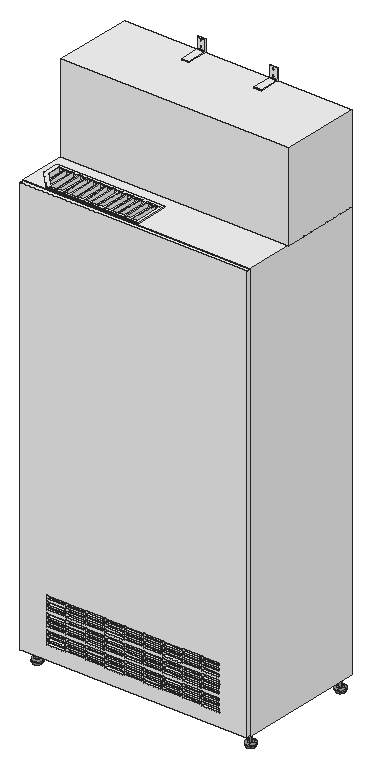
Revit family "AME 900 F SSL", category Mechanical Equipment, Revit 2019 (continued)
Forms (mm)
  Extrusion 44, void
    sketch origin (0, 0, 2164.5) x (0, 1, 0) y (1, 0, 0)
      loop
        arc (-615.04, -324.5) -> (-616.426, -325.074) -> (-617, -326.46) r 1.96
        line (-617, -326.46) -> (-617, -353.5)
      loop
        line (-617, -319) -> (-475, -319) -> (-475, -292.001)
        arc (-475, -292.001) -> (-475.586, -290.586) -> (-477.001, -290) r 2.001
        line (-477.001, -290) -> (-615.04, -290)
        arc (-615.04, -290) -> (-616.426, -290.574) -> (-617, -291.96) r 1.96
        line (-617, -291.96) -> (-617, -319)
      loop
        line (-617, -284.5) -> (-475, -284.5) -> (-475, -257.501)
        arc (-475, -257.501) -> (-475.586, -256.086) -> (-477.001, -255.5) r 2.001
        line (-477.001, -255.5) -> (-615.04, -255.5)
        arc (-615.04, -255.5) -> (-616.426, -256.074) -> (-617, -257.46) r 1.96
        line (-617, -257.46) -> (-617, -284.5)
      loop
        line (-617, -250) -> (-475, -250) -> (-475, -223.001)
        arc (-475, -223.001) -> (-475.586, -221.586) -> (-477.001, -221) r 2.001
        line (-477.001, -221) -> (-615.04, -221)
        arc (-615.04, -221) -> (-616.426, -221.574) -> (-617, -222.96) r 1.96
        line (-617, -222.96) -> (-617, -250)
      loop
        line (-617, -215.5) -> (-475, -215.5) -> (-475, -188.501)
        arc (-475, -188.501) -> (-475.586, -187.086) -> (-477.001, -186.5) r 2.001
        line (-477.001, -186.5) -> (-615.04, -186.5)
        arc (-615.04, -186.5) -> (-616.426, -187.074) -> (-617, -188.46) r 1.96
        line (-617, -188.46) -> (-617, -215.5)
      loop
        line (-617, -181) -> (-475, -181) -> (-475, -154.001)
        arc (-475, -154.001) -> (-475.586, -152.586) -> (-477.001, -152) r 2.001
        line (-477.001, -152) -> (-615.04, -152)
        arc (-615.04, -152) -> (-616.426, -152.574) -> (-617, -153.96) r 1.96
        line (-617, -153.96) -> (-617, -181)
      loop
        line (-617, -146.5) -> (-475, -146.5) -> (-475, -119.501)
        arc (-475, -119.501) -> (-475.586, -118.086) -> (-477.001, -117.5) r 2.001
        line (-477.001, -117.5) -> (-615.04, -117.5)
        arc (-615.04, -117.5) -> (-616.426, -118.074) -> (-617, -119.46) r 1.96
        line (-617, -119.46) -> (-617, -146.5)
      loop
        line (-617, -112) -> (-475, -112) -> (-475, -85.001)
        arc (-475, -85.001) -> (-475.586, -83.586) -> (-477.001, -83) r 2.001
        line (-477.001, -83) -> (-615.04, -83)
        arc (-615.04, -83) -> (-616.426, -83.574) -> (-617, -84.96) r 1.96
        line (-617, -84.96) -> (-617, -112)
      loop
        line (-617, -77.5) -> (-475, -77.5) -> (-475, -50.501)
        arc (-475, -50.501) -> (-475.586, -49.086) -> (-477.001, -48.5) r 2.001
        line (-477.001, -48.5) -> (-615.04, -48.5)
        arc (-615.04, -48.5) -> (-616.426, -49.074) -> (-617, -50.46) r 1.96
        line (-617, -50.46) -> (-617, -77.5)
      loop
        line (-617, -43) -> (-475, -43) -> (-475, -16.001)
        arc (-475, -16.001) -> (-475.586, -14.586) -> (-477.001, -14) r 2.001
        line (-477.001, -14) -> (-615.04, -14)
        arc (-615.04, -14) -> (-616.426, -14.574) -> (-617, -15.96) r 1.96
        line (-617, -15.96) -> (-617, -43)
    from -34 to 34
  Extrusion 45, solid, material "AM White"
    sketch origin (0, 0, 2164.5) x (1, 0, 0) y (0, 1, 0)
      loop
        arc (-539, -458.646) -> (-546.071, -461.575) -> (-549, -468.646) r 10
        line (-549, -468.646) -> (-549, -539.407)
        arc (-549, -539.407) -> (-548.334, -543.017) -> (-546.424, -546.151) r 10.113
        line (-546.424, -546.151) -> (-473.487, -627.668)
        arc (-473.487, -627.668) -> (-470.116, -630.129) -> (-466.035, -631) r 10
        line (-466.035, -631) -> (-11, -631)
        arc (-11, -631) -> (-3.929, -628.071) -> (-1, -621) r 10
        line (-1, -621) -> (-1, -468.646)
        arc (-1, -468.646) -> (-3.929, -461.575) -> (-11, -458.646) r 10
        line (-11, -458.646) -> (-539, -458.646)
    from 0 to 3
  Extrusion 46, void
    sketch origin (575, -150.769, 2593.215) x (0, 0, -1) y (0, -1, 0)
      loop
        line (30.618, -228.416) -> (7.284, -298.416) -> (50.618, -298.416) -> (50.618, -228.416) -> (30.618, -228.416)
    from 1043.465 to 1490
  Extrusion 47, solid, material "AM White", visible <- "Flashing"
    sketch origin (528.607, 0, 30) x (-1, 0, 0) y (0, 0, 1)
      loop
        line (1103.607, 2578.5) -> (-46.393, 2578.5) -> (-46.393, 14.5) -> (-33.399, 14.5) -> (-33.399, 2553.381) -> (1091.603, 2553.381) -> (1091.603, 2532.38) -> (1103.607, 2532.38) -> (1103.607, 2578.5)
    from 0 to 140
  Extrusion 48, solid, material "AM White", visible <- "Flashing", detail levels fine
    sketch origin (-164, -334.513, 516.098) x (0, 1, 0) y (0, 0, -1)
      loop
        arc (474.5, -2098.402) -> (472.743, -2094.159) -> (468.5, -2092.402) r 6
        line (468.5, -2092.402) -> (229.513, -2092.402) -> (229.513, -2095.402) -> (468.5, -2095.402)
        arc (468.5, -2095.402) -> (470.621, -2096.28) -> (471.5, -2098.402) r 3
        line (471.5, -2098.402) -> (471.5, -2151.402) -> (474.5, -2151.402) -> (474.5, -2098.402)
    from 0 to 38
  Extrusion 49, solid, material "AM White", visible <- "Flashing", detail levels fine
    sketch origin (202, -334.513, 516.098) x (0, 1, 0) y (0, 0, -1)
      loop
        arc (474.5, -2098.402) -> (472.743, -2094.159) -> (468.5, -2092.402) r 6
        line (468.5, -2092.402) -> (229.513, -2092.402) -> (229.513, -2095.402) -> (468.5, -2095.402)
        arc (468.5, -2095.402) -> (470.621, -2096.28) -> (471.5, -2098.402) r 3
        line (471.5, -2098.402) -> (471.5, -2151.402) -> (474.5, -2151.402) -> (474.5, -2098.402)
    from 0 to 38
Cuts and joins
  Extrusion 22 cuts Extrusion 19
  Extrusion 37 cuts Extrusion 20
  Extrusion 38 cuts Extrusion 21
  Extrusion 44 cuts Extrusion 18
  Extrusion 44 cuts Extrusion 45
  Extrusion 46 cuts Extrusion 47
  Extrusion 38 cuts Extrusion 49
  Extrusion 37 cuts Extrusion 48
Dimensions and locks
  "Total Depth": plane 4 "Center L/S" to plane 1 "Center (Front/Back)"
  equal spacing: plane 5 "Center L/T", plane 3 "Center (Left/Right)", plane 6 "Center L/U"
  "Total Width": plane 5 "Center L/T" to plane 6 "Center L/U"
  "Total Hight": plane 7 "TOP" to level
  Extrusion 22 sketch curve to Extrusion 19 = 70 mm
  Extrusion 22 sketch curve to Extrusion 22 sketch curve = 19 mm
  Extrusion 22 sketch curve to Extrusion 22 sketch curve = 93 mm
  Extrusion 19 to Extrusion 22 sketch curve = 136 mm
  Extrusion 39 to cut or joined group of Extrusion 18, Extrusion 44 to cut or joined group of Extrusion 18, Extrusion 44 to level = 444 mm, 2120 mm, 74.5 mm
  aligned and locked: level to plane 2
Automatic sketch dimensions
  Extrusion 1 sketch curve to Extrusion 1 sketch curve = 0 mm  (x2)
  plane 5 "Center L/T" to Extrusion 1 sketch curve = 200 mm
  plane 1 "Center (Front/Back)" to Extrusion 1 sketch curve = 200 mm
  Extrusion 2 sketch curve to Extrusion 2 sketch curve = 0 mm  (x2)
  Extrusion 2 sketch curve to plane 6 "Center L/U" = 200 mm
  plane 1 "Center (Front/Back)" to Extrusion 2 sketch curve = 200 mm
  Blend 3 sketch curve to plane 4 "Center L/S" = 46.131 mm  (x2)
  Blend 3 sketch curve to Blend 3 sketch curve = 136 mm  (x2)
  plane 5 "Center L/T" to Blend 3 sketch curve = 209.267 mm
  Blend 3 sketch curve to Blend 3 sketch curve = 42.334 mm  (x4)
  Blend 3 sketch curve to Blend 3 sketch curve = 26.666 mm  (x2)
  plane 5 "Center L/T" to Blend 3 sketch curve = 239.267 mm
  Blend 4 sketch curve to plane 4 "Center L/S" = 46.131 mm  (x2)
  Blend 4 sketch curve to Blend 4 sketch curve = 136 mm  (x2)
  plane 5 "Center L/T" to Blend 4 sketch curve = 258.517 mm
  Blend 4 sketch curve to Blend 4 sketch curve = 42.334 mm  (x4)
  Blend 4 sketch curve to Blend 4 sketch curve = 26.666 mm  (x2)
  Blend 4 sketch curve to plane 3 "Center (Left/Right)" = 286.483 mm
  Blend 5 sketch curve to plane 4 "Center L/S" = 46.131 mm  (x2)
  Blend 5 sketch curve to Blend 5 sketch curve = 136 mm  (x2)
  Blend 5 sketch curve to plane 3 "Center (Left/Right)" = 267.233 mm
  Blend 5 sketch curve to Blend 5 sketch curve = 42.334 mm  (x4)
  Blend 5 sketch curve to Blend 5 sketch curve = 26.666 mm  (x2)
  Blend 5 sketch curve to plane 3 "Center (Left/Right)" = 237.233 mm
  Blend 6 sketch curve to plane 4 "Center L/S" = 46.131 mm  (x2)
  Blend 6 sketch curve to Blend 6 sketch curve = 136 mm  (x2)
  Blend 6 sketch curve to plane 3 "Center (Left/Right)" = 217.983 mm
  Blend 6 sketch curve to Blend 6 sketch curve = 42.334 mm  (x4)
  Blend 6 sketch curve to Blend 6 sketch curve = 26.666 mm  (x2)
  Blend 6 sketch curve to plane 3 "Center (Left/Right)" = 187.983 mm
  Blend 7 sketch curve to plane 4 "Center L/S" = 46.131 mm  (x2)
  Blend 7 sketch curve to Blend 7 sketch curve = 136 mm  (x2)
  Blend 7 sketch curve to plane 3 "Center (Left/Right)" = 168.733 mm
  Blend 7 sketch curve to Blend 7 sketch curve = 42.334 mm  (x4)
  Blend 7 sketch curve to Blend 7 sketch curve = 26.666 mm  (x2)
  Blend 7 sketch curve to plane 3 "Center (Left/Right)" = 138.733 mm
  Blend 8 sketch curve to plane 4 "Center L/S" = 46.131 mm  (x2)
  Blend 8 sketch curve to Blend 8 sketch curve = 136 mm  (x2)
  Blend 8 sketch curve to plane 3 "Center (Left/Right)" = 119.483 mm
  Blend 8 sketch curve to Blend 8 sketch curve = 42.334 mm  (x4)
  Blend 8 sketch curve to Blend 8 sketch curve = 26.666 mm  (x2)
  Blend 8 sketch curve to plane 3 "Center (Left/Right)" = 89.483 mm
  Blend 9 sketch curve to plane 4 "Center L/S" = 46.131 mm  (x2)
  Blend 9 sketch curve to Blend 9 sketch curve = 136 mm  (x2)
  Blend 9 sketch curve to plane 3 "Center (Left/Right)" = 70.233 mm
  Blend 9 sketch curve to Blend 9 sketch curve = 42.334 mm  (x4)
  Blend 9 sketch curve to Blend 9 sketch curve = 26.666 mm
  Blend 9 sketch curve to plane 3 "Center (Left/Right)" = 40.233 mm
  Blend 9 sketch curve to plane 3 "Center (Left/Right)" = 109.233 mm
  Blend 10 sketch curve to plane 4 "Center L/S" = 182.131 mm  (x2)
  Blend 10 sketch curve to plane 4 "Center L/S" = 46.131 mm  (x2)
  Blend 10 sketch curve to plane 6 "Center L/U" = 210.267 mm
  Blend 10 sketch curve to Blend 10 sketch curve = 42.334 mm  (x4)
  Blend 10 sketch curve to Blend 10 sketch curve = 26.666 mm  (x2)
  Blend 10 sketch curve to plane 6 "Center L/U" = 240.267 mm
  Blend 11 sketch curve to plane 4 "Center L/S" = 182.131 mm  (x2)
  Blend 11 sketch curve to plane 4 "Center L/S" = 46.131 mm  (x2)
  Blend 11 sketch curve to plane 6 "Center L/U" = 259.517 mm
  Blend 11 sketch curve to Blend 11 sketch curve = 42.334 mm  (x4)
  Blend 11 sketch curve to Blend 11 sketch curve = 26.666 mm  (x2)
  plane 3 "Center (Left/Right)" to Blend 11 sketch curve = 285.483 mm
  Blend 12 sketch curve to plane 4 "Center L/S" = 182.131 mm  (x2)
  Blend 12 sketch curve to plane 4 "Center L/S" = 46.131 mm  (x2)
  plane 3 "Center (Left/Right)" to Blend 12 sketch curve = 266.233 mm
  Blend 12 sketch curve to Blend 12 sketch curve = 42.334 mm  (x4)
  Blend 12 sketch curve to Blend 12 sketch curve = 26.666 mm  (x2)
  plane 3 "Center (Left/Right)" to Blend 12 sketch curve = 236.233 mm
  Blend 13 sketch curve to plane 4 "Center L/S" = 182.131 mm  (x2)
  Blend 13 sketch curve to plane 4 "Center L/S" = 46.131 mm  (x2)
  plane 3 "Center (Left/Right)" to Blend 13 sketch curve = 216.983 mm
  Blend 13 sketch curve to Blend 13 sketch curve = 42.334 mm  (x4)
  Blend 13 sketch curve to Blend 13 sketch curve = 26.666 mm  (x2)
  plane 3 "Center (Left/Right)" to Blend 13 sketch curve = 186.983 mm
  Blend 14 sketch curve to plane 4 "Center L/S" = 182.131 mm  (x2)
  Blend 14 sketch curve to plane 4 "Center L/S" = 46.131 mm  (x2)
  plane 3 "Center (Left/Right)" to Blend 14 sketch curve = 167.733 mm
  Blend 14 sketch curve to Blend 14 sketch curve = 42.334 mm  (x4)
  Blend 14 sketch curve to Blend 14 sketch curve = 26.666 mm  (x2)
  plane 3 "Center (Left/Right)" to Blend 14 sketch curve = 137.733 mm
  Blend 15 sketch curve to plane 4 "Center L/S" = 182.131 mm  (x2)
  Blend 15 sketch curve to plane 4 "Center L/S" = 46.131 mm  (x2)
  plane 3 "Center (Left/Right)" to Blend 15 sketch curve = 118.483 mm
  Blend 15 sketch curve to Blend 15 sketch curve = 42.334 mm  (x4)
  Blend 15 sketch curve to Blend 15 sketch curve = 26.666 mm  (x2)
  plane 3 "Center (Left/Right)" to Blend 15 sketch curve = 88.483 mm
  Blend 16 sketch curve to plane 4 "Center L/S" = 182.131 mm  (x2)
  Blend 16 sketch curve to plane 4 "Center L/S" = 46.131 mm  (x2)
  plane 3 "Center (Left/Right)" to Blend 16 sketch curve = 69.233 mm
  Blend 16 sketch curve to Blend 16 sketch curve = 42.334 mm  (x4)
  plane 3 "Center (Left/Right)" to Blend 16 sketch curve = 138.233 mm
  plane 3 "Center (Left/Right)" to Blend 16 sketch curve = 39.233 mm
  plane 3 "Center (Left/Right)" to Blend 16 sketch curve = 108.233 mm
  plane 5 "Center L/T" to Extrusion 17 sketch curve = 49.91 mm
  Extrusion 17 sketch curve to Extrusion 17 sketch curve = 8.507 mm
  Extrusion 17 sketch curve to Extrusion 17 sketch curve = 11.546 mm  (x2)
  Extrusion 17 sketch curve to Extrusion 17 sketch curve = 20.052 mm  (x2)
  plane 7 "TOP" to Extrusion 17 sketch curve = 85.14 mm
  Extrusion 17 sketch curve to Extrusion 17 sketch curve = 1.754 mm
  Extrusion 17 sketch curve to Extrusion 17 sketch curve = 16.489 mm  (x2)
  Extrusion 17 sketch curve to Extrusion 17 sketch curve = 18.243 mm  (x2)
  Extrusion 18 sketch curve to plane 5 "Center L/T" = 0 mm
  Extrusion 18 sketch curve to plane 6 "Center L/U" = 0 mm
  plane 1 "Center (Front/Back)" to Extrusion 18 sketch curve = 0 mm
  Extrusion 18 sketch curve to plane 4 "Center L/S" = 20 mm
  plane 5 "Center L/T" to Extrusion 19 sketch curve = 0 mm
  plane 6 "Center L/U" to Extrusion 19 sketch curve = 0 mm
  plane 5 "Center L/T" to Extrusion 19 sketch curve = 2.5 mm  (x2)
  Extrusion 19 sketch curve to plane 6 "Center L/U" = 2.5 mm  (x2)
  plane 7 "TOP" to Extrusion 19 sketch curve = 74.5 mm
  level to Extrusion 19 sketch curve = 77 mm
  Extrusion 20 sketch curve to Extrusion 20 sketch curve = 0 mm  (x2)
  Extrusion 20 sketch curve to plane 1 "Center (Front/Back)" = 0 mm
  Extrusion 20 sketch curve to Extrusion 20 sketch curve = 3 mm  (x2)
  Extrusion 20 sketch curve to Extrusion 20 sketch curve = 99 mm
  plane 7 "TOP" to Extrusion 20 sketch curve = 577.5 mm
  Extrusion 20 sketch curve to Extrusion 20 sketch curve = 53 mm
  Extrusion 21 sketch curve to Extrusion 21 sketch curve = 0 mm  (x2)
  Extrusion 21 sketch curve to plane 1 "Center (Front/Back)" = 0 mm
  Extrusion 21 sketch curve to Extrusion 21 sketch curve = 3 mm  (x2)
  Extrusion 21 sketch curve to Extrusion 21 sketch curve = 99 mm
  plane 7 "TOP" to Extrusion 21 sketch curve = 577.5 mm
  Extrusion 21 sketch curve to Extrusion 21 sketch curve = 53 mm
  Extrusion 22 sketch curve to Extrusion 22 sketch curve = 0 mm  (x193)
  Extrusion 22 sketch curve to Extrusion 22 sketch curve = 0.984 mm  (x257)
  Extrusion 22 sketch curve to Extrusion 22 sketch curve = 5 mm  (x126)
  Extrusion 22 sketch curve to Extrusion 22 sketch curve = 91.033 mm  (x9)
  Extrusion 19 to Extrusion 22 sketch curve = 94 mm  (x4)
  Extrusion 22 sketch curve to Extrusion 22 sketch curve = 17.033 mm  (x45)
  Extrusion 22 sketch curve to Extrusion 22 sketch curve = 12 mm  (x10)
  plane 5 "Center L/T" to Blend 23 sketch curve = 35.042 mm  (x2)
  plane 1 "Center (Front/Back)" to Blend 23 sketch curve = 26 mm  (x2)
  plane 5 "Center L/T" to Revolve 24 sketch curve = 10.042 mm
  Revolve 24 sketch curve to Revolve 24 sketch curve = 6 mm  (x2)
  Revolve 24 sketch curve to Revolve 24 sketch curve = 19 mm
  level to Revolve 24 sketch curve = 9 mm
  Revolve 24 sketch curve to Revolve 24 sketch curve = 0 mm  (x3)
  plane 5 "Center L/T" to Extrusion 25 sketch curve = 35.042 mm
  plane 1 "Center (Front/Back)" to Extrusion 25 sketch curve = 26 mm
  Blend 26 sketch curve to plane 6 "Center L/U" = 35 mm  (x2)
  plane 1 "Center (Front/Back)" to Blend 26 sketch curve = 26 mm  (x2)
  level to Revolve 27 sketch curve = 9 mm
  Revolve 27 sketch curve to plane 6 "Center L/U" = 60 mm
  Revolve 27 sketch curve to Revolve 27 sketch curve = 6 mm  (x2)
  Revolve 27 sketch curve to Revolve 27 sketch curve = 19 mm
  Revolve 27 sketch curve to Revolve 27 sketch curve = 0 mm  (x3)
  Extrusion 28 sketch curve to plane 6 "Center L/U" = 35 mm
  plane 1 "Center (Front/Back)" to Extrusion 28 sketch curve = 26 mm
  plane 5 "Center L/T" to Blend 29 sketch curve = 35.042 mm  (x2)
  Blend 29 sketch curve to plane 4 "Center L/S" = 67 mm  (x2)
  plane 5 "Center L/T" to Revolve 30 sketch curve = 10.042 mm
  Revolve 30 sketch curve to Revolve 30 sketch curve = 6 mm  (x2)
  Revolve 30 sketch curve to Revolve 30 sketch curve = 19 mm
  level to Revolve 30 sketch curve = 9 mm
  Revolve 30 sketch curve to Revolve 30 sketch curve = 0 mm  (x3)
  plane 5 "Center L/T" to Extrusion 31 sketch curve = 35.042 mm
  Extrusion 31 sketch curve to plane 4 "Center L/S" = 67 mm
  Blend 32 sketch curve to plane 6 "Center L/U" = 35 mm  (x2)
  Blend 32 sketch curve to plane 4 "Center L/S" = 67 mm  (x2)
  level to Revolve 33 sketch curve = 9 mm
  Revolve 33 sketch curve to plane 6 "Center L/U" = 60 mm
  Revolve 33 sketch curve to Revolve 33 sketch curve = 6 mm  (x2)
  Revolve 33 sketch curve to Revolve 33 sketch curve = 19 mm
  Revolve 33 sketch curve to Revolve 33 sketch curve = 0 mm  (x3)
  Extrusion 34 sketch curve to plane 6 "Center L/U" = 35 mm
  Extrusion 34 sketch curve to plane 4 "Center L/S" = 67 mm
  Extrusion 35 sketch curve to Extrusion 35 sketch curve = 0 mm  (x2)
  Extrusion 35 sketch curve to Extrusion 18 = 200 mm  (x2)
  Extrusion 36 sketch curve to Extrusion 36 sketch curve = 0 mm  (x2)
  Extrusion 36 sketch curve to Extrusion 18 = 200 mm  (x2)
  Extrusion 37 sketch curve to Extrusion 20 = 11 mm
  Extrusion 20 to Extrusion 37 sketch curve = 10 mm
  Extrusion 37 sketch curve to Extrusion 20 = 19 mm  (x2)
  Extrusion 38 sketch curve to Extrusion 20 = 11 mm
  Extrusion 20 to Extrusion 38 sketch curve = 10 mm
  Extrusion 20 to Extrusion 38 sketch curve = 347 mm
  Extrusion 38 sketch curve to Extrusion 38 sketch curve = 0 mm
  Extrusion 18 to Extrusion 39 sketch curve = 0 mm
  Extrusion 39 sketch curve to Extrusion 18 = 0.013 mm
  Extrusion 18 to Extrusion 39 sketch curve = 241.013 mm
  Extrusion 39 sketch curve to Extrusion 18 = 444 mm
  Extrusion 40 sketch curve to Extrusion 18 = 49.91 mm
  Extrusion 40 sketch curve to Extrusion 40 sketch curve = 8.507 mm
  Extrusion 40 sketch curve to Extrusion 40 sketch curve = 11.546 mm  (x2)
  Extrusion 40 sketch curve to Extrusion 40 sketch curve = 20.052 mm  (x2)
  Extrusion 40 sketch curve to Extrusion 18 = 85.14 mm
  Extrusion 40 sketch curve to Extrusion 40 sketch curve = 1.754 mm
  Extrusion 40 sketch curve to Extrusion 40 sketch curve = 16.489 mm  (x2)
  Extrusion 40 sketch curve to Extrusion 40 sketch curve = 18.243 mm  (x2)
  Extrusion 41 sketch curve to Extrusion 41 sketch curve = 0 mm  (x2)
  plane 1 "Center (Front/Back)" to Extrusion 41 sketch curve = 200.986 mm
  plane 7 "TOP" to Extrusion 41 sketch curve = 234.714 mm
  Extrusion 42 sketch curve to Extrusion 42 sketch curve = 0 mm  (x2)
  plane 1 "Center (Front/Back)" to Extrusion 42 sketch curve = 200.986 mm
  Extrusion 42 sketch curve to plane 7 "TOP" = 155.458 mm
  Extrusion 43 sketch curve to Extrusion 43 sketch curve = 0 mm  (x2)
  plane 1 "Center (Front/Back)" to Extrusion 43 sketch curve = 200.986 mm
  plane 7 "TOP" to Extrusion 43 sketch curve = 234.714 mm
  Extrusion 44 sketch curve to Extrusion 18 = 24 mm  (x3)
  Extrusion 44 sketch curve to Extrusion 44 sketch curve = 0 mm  (x19)
  Extrusion 44 sketch curve to Extrusion 44 sketch curve = 1.96 mm  (x12)
  Extrusion 44 sketch curve to Extrusion 44 sketch curve = 2.031 mm
  Extrusion 44 sketch curve to Extrusion 44 sketch curve = 8.974 mm
  Extrusion 44 sketch curve to Extrusion 44 sketch curve = 1.349 mm
  Extrusion 44 sketch curve to Extrusion 44 sketch curve = 27.9 mm
  Extrusion 44 sketch curve to Extrusion 44 sketch curve = 1.328 mm
  Extrusion 44 sketch curve to Extrusion 44 sketch curve = 9.222 mm
  Extrusion 44 sketch curve to Extrusion 44 sketch curve = 1.311 mm
  Extrusion 44 sketch curve to Extrusion 18 = 49.503 mm
  Extrusion 44 sketch curve to Extrusion 44 sketch curve = 28.013 mm
  Extrusion 44 sketch curve to Extrusion 44 sketch curve = 1.317 mm
  Extrusion 44 sketch curve to Extrusion 44 sketch curve = 91.258 mm
  Extrusion 44 sketch curve to Extrusion 44 sketch curve = 0.006 mm  (x2)
  Extrusion 44 sketch curve to Extrusion 44 sketch curve = 138.04 mm
  Extrusion 44 sketch curve to Extrusion 44 sketch curve = 0.007 mm
  Extrusion 44 sketch curve to Extrusion 44 sketch curve = 0.053 mm
  Extrusion 44 sketch curve to Extrusion 44 sketch curve = 1.953 mm  (x2)
  Extrusion 44 sketch curve to Extrusion 44 sketch curve = 2.006 mm
  Extrusion 44 sketch curve to Extrusion 44 sketch curve = 2.001 mm  (x11)
  Extrusion 44 sketch curve to Extrusion 44 sketch curve = 1.999 mm
  Extrusion 44 sketch curve to Extrusion 44 sketch curve = 1.472 mm
  Extrusion 44 sketch curve to Extrusion 44 sketch curve = 25.065 mm
  Extrusion 44 sketch curve to Extrusion 44 sketch curve = 27.001 mm
  Extrusion 44 sketch curve to Extrusion 44 sketch curve = 5.5 mm  (x14)
  Extrusion 44 sketch curve to Extrusion 44 sketch curve = 0.507 mm
  Extrusion 44 sketch curve to Extrusion 44 sketch curve = 24.963 mm
  Extrusion 44 sketch curve to Extrusion 44 sketch curve = 1.507 mm
  Extrusion 44 sketch curve to Extrusion 44 sketch curve = 26.969 mm
  Extrusion 44 sketch curve to Extrusion 44 sketch curve = 26.999 mm  (x12)
  Extrusion 45 sketch curve to Extrusion 18 = 26 mm
  Extrusion 45 sketch curve to Extrusion 45 sketch curve = 2.576 mm
  Extrusion 45 sketch curve to Extrusion 45 sketch curve = 10 mm  (x2)
  Extrusion 45 sketch curve to Extrusion 45 sketch curve = 10.113 mm
  Extrusion 45 sketch curve to Extrusion 18 = 13.332 mm
  Extrusion 45 sketch curve to Extrusion 18 = 101.513 mm
  Extrusion 45 sketch curve to Extrusion 45 sketch curve = 7.452 mm
  Extrusion 45 sketch curve to Extrusion 18 = 10 mm
  Extrusion 45 sketch curve to Extrusion 45 sketch curve = 455.035 mm
  Extrusion 45 sketch curve to Extrusion 45 sketch curve = 0 mm
  Extrusion 45 sketch curve to Extrusion 18 = 94.849 mm
  Extrusion 45 sketch curve to Extrusion 45 sketch curve = 152.354 mm
  Extrusion 46 sketch curve to plane 1 "Center (Front/Back)" = 147.646 mm
  plane 7 "TOP" to Extrusion 46 sketch curve = 495.93 mm
  Extrusion 46 sketch curve to plane 1 "Center (Front/Back)" = 77.646 mm
  Extrusion 46 sketch curve to Extrusion 46 sketch curve = 23.333 mm
  Extrusion 46 sketch curve to Extrusion 46 sketch curve = 43.333 mm
  plane 6 "Center L/U" to Extrusion 47 sketch curve = 0 mm
  Extrusion 47 sketch curve to plane 6 "Center L/U" = 12.994 mm
  plane 5 "Center L/T" to Extrusion 47 sketch curve = 12.004 mm
  Extrusion 47 sketch curve to plane 5 "Center L/T" = 0 mm
  level to Extrusion 47 sketch curve = 74.5 mm
  plane 7 "TOP" to Extrusion 47 sketch curve = 472.38 mm
  plane 7 "TOP" to Extrusion 47 sketch curve = 493.381 mm
  Extrusion 47 sketch curve to Extrusion 47 sketch curve = 25.119 mm
  Extrusion 48 sketch curve to Extrusion 48 sketch curve = 0 mm  (x2)
  plane 1 "Center (Front/Back)" to Extrusion 48 sketch curve = 105 mm
  Extrusion 48 sketch curve to Extrusion 48 sketch curve = 238.987 mm
  Extrusion 48 sketch curve to Extrusion 48 sketch curve = 3 mm  (x2)
  plane 7 "TOP" to Extrusion 48 sketch curve = 577.5 mm
  Extrusion 48 sketch curve to Extrusion 48 sketch curve = 53 mm
  Extrusion 49 sketch curve to Extrusion 49 sketch curve = 0 mm  (x2)
  plane 1 "Center (Front/Back)" to Extrusion 49 sketch curve = 105 mm
  Extrusion 49 sketch curve to Extrusion 49 sketch curve = 238.987 mm
  Extrusion 49 sketch curve to Extrusion 49 sketch curve = 3 mm  (x2)
  plane 7 "TOP" to Extrusion 49 sketch curve = 577.5 mm
  Extrusion 49 sketch curve to Extrusion 49 sketch curve = 53 mm
  radius of Extrusion 1 sketch curve = 157.5 mm
  radius of Extrusion 1 sketch curve = 154.5 mm
  radius of Extrusion 2 sketch curve = 157.5 mm
  radius of Extrusion 2 sketch curve = 154.5 mm
  radius of Blend 23 sketch curve = 21 mm
  radius of Blend 23 sketch curve = 25 mm
  radius of Extrusion 25 sketch curve = 5 mm
  radius of Blend 26 sketch curve = 21 mm
  radius of Blend 26 sketch curve = 25 mm
  radius of Extrusion 28 sketch curve = 5 mm
  radius of Blend 29 sketch curve = 21 mm
  radius of Blend 29 sketch curve = 25 mm
  radius of Extrusion 31 sketch curve = 5 mm
  radius of Blend 32 sketch curve = 21 mm
  radius of Blend 32 sketch curve = 25 mm
  radius of Extrusion 34 sketch curve = 5 mm
  radius of Extrusion 35 sketch curve = 157.5 mm
  radius of Extrusion 35 sketch curve = 154.5 mm
  radius of Extrusion 36 sketch curve = 157.5 mm
  radius of Extrusion 36 sketch curve = 154.5 mm
  radius of Extrusion 37 sketch curve = 4 mm  (x2)
  radius of Extrusion 38 sketch curve = 4 mm  (x2)
  radius of Extrusion 41 sketch curve = 157.5 mm
  radius of Extrusion 41 sketch curve = 156.5 mm
  radius of Extrusion 42 sketch curve = 157.5 mm
  radius of Extrusion 42 sketch curve = 156.5 mm
  radius of Extrusion 43 sketch curve = 157.5 mm
  radius of Extrusion 43 sketch curve = 156.5 mm
Nested families
  nested 1: "Model Label 2019" at (17.5, -257.425, 0), Label <- "Model", type "Model Label 2019"
    with Label "AM 950 F SSL"
  nested 2: "indblæssymbol" at (-1198.5, -547.869, 2146) x (0, 0, 1) z (-1, 0, 0), type "indblæssymbol"
    with dX_ 609 mm, dX 609 mm, ang2D 0.00°
  nested 3: "Pil Indtag" at (-1198.5, -1185, 125) x (0, 1, 0) z (-1, 0, 0), type "Pil Indtag"
    with dX_ 609 mm, dX 609 mm, ang2D 0.00°
  nested 4: "Pil Indtag" at (0, -1159.552, -30) x (0, 1, 0) z (0, 0, 1), type "Pil Indtag"
    with dX_ 609 mm, dX 609 mm, ang2D 0.00°
  nested 5: "indblæssymbol" at (0, -661, 2417.5) x (0, 0, 1) z (0, -1, 0), type "indblæssymbol"
    with dX_ 609 mm, dX 609 mm, ang2D 0.00°
Connectors
  electrical at (-505.038, 0, 2156.897)
    settings: on Extrusion 17, index 3, voltage 0 V, apparent load 0 VA, apparent load phase1 0 VA, apparent load phase2 0 VA, apparent load phase3 0 VA, power factor 1, load classification "Other", number of poles 1, system type 14, power factor state 1, is connector primary yes, connector utility no, sub classification motor no, connector description ""
  electrical at (-505.038, 0, 2231.397)
    settings: on Extrusion 40, index 6, voltage 0 V, apparent load 0 VA, apparent load phase1 0 VA, apparent load phase2 0 VA, apparent load phase3 0 VA, power factor 1, load classification "Other", number of poles 1, system type 14, power factor state 1, is connector primary no, connector utility no, sub classification motor no, connector description ""
  hvac at (-575, -200.986, 2324.714)
    settings: on Extrusion 41, index 7, duct flow 0.0 L/s, flow factor 0, pres drop 0.0 Pa, loss coef 0, conn angle 0.00°, conn width 304.8 mm, conn height 304.8 mm, conn diameter 315 mm, duct sys type 1, conn prof type 0, flow config 0, flow direction 2, loss method 0, conn ref index -1, conn util no, is conn primary yes, conn desc ""
  hvac at (-575, -200.986, 1934.542)
    settings: on Extrusion 42, index 8, duct flow 0.0 L/s, flow factor 0, pres drop 0.0 Pa, loss coef 0, conn angle 0.00°, conn width 304.8 mm, conn height 304.8 mm, conn diameter 315 mm, duct sys type 3, conn prof type 0, flow config 0, flow direction 1, loss method 0, conn ref index -1, conn util no, is conn primary no, conn desc ""
Definition of nested family "Model Label 2019"
  Parameters (values of type "Model Label 2019")
    Label [instance] = ""
  Reference planes
    plane 1: y = 0
    plane 2: x = 0
  Text (mm)
    label "Label" at (-0.131, 0.049, 0), shows "Label"
Definition of nested family "indblæssymbol"
  Parameters (values of type "indblæssymbol")
    dX_ [instance] = if(dX = 0 mm, 1 mm, dX)  # 609 mm
    dX [instance] = 609 mm
    ang2D [instance] = 0.00°
    Type Comments = "DO NOT CHANGE dX value from 608 mm ( 2 ft )"
    Afstand pil = 50 mm
  Reference planes
    plane 1 "Center (Front/Back)": y = 0
    plane 2: z = 0
    plane 3 "Center (Left/Right)": x = 0
  Lines and regions (mm)
    Filled region 1, type "Concrete", in view "Ref. Level"
      outline origin (50.005, 0, 0) x (1, 0, 0) y (0, 1, 0)
        loop
          line (399.995, 0.414) -> (301.442, 17.365) -> (301.588, -17.365) -> (399.995, 0.414)
    reference lines, in view "Ref. Level"
      curve 1: line (50, 134.129, 0) -> (50, -145.871, 0)
    detail lines, in view "Ref. Level"
      curve 2: line (351.52, 0, 0) -> (50, 0, 0)
  Dimensions and locks
    "Afstand pil": plane 3 "Center (Left/Right)" to curve 1
    curve 1 to Filled region 1 = 400 mm
  Automatic sketch dimensions
    Filled region 1 sketch curve to plane 1 "Center (Front/Back)" = 0.414 mm
    plane 3 "Center (Left/Right)" to Filled region 1 sketch curve = 450 mm
    plane 1 "Center (Front/Back)" to Filled region 1 sketch curve = 17.365 mm
    Filled region 1 sketch curve to Filled region 1 sketch curve = 98.407 mm
    Filled region 1 sketch curve to plane 1 "Center (Front/Back)" = 17.365 mm
    Filled region 1 sketch curve to Filled region 1 sketch curve = 0.146 mm
    plane 1 "Center (Front/Back)" to curve 2 = 0 mm
    plane 3 "Center (Left/Right)" to curve 2 = 50 mm
    curve 2 to curve 2 = 301.52 mm
    plane 1 "Center (Front/Back)" to curve 1 = 145.871 mm
    curve 1 to plane 1 "Center (Front/Back)" = 134.129 mm
Definition of nested family "Pil Indtag"
  Parameters (values of type "Pil Indtag")
    dX_ [instance] = if(dX = 0 mm, 1 mm, dX)  # 609 mm
    dX [instance] = 609 mm
    ang2D [instance] = 0.00°
    Type Comments = "DO NOT CHANGE dX value from 608 mm ( 2 ft )"
    Afstand pil = 50 mm
  Reference planes
    plane 1 "Center (Front/Back)": y = 0
    plane 2: z = 0
    plane 3 "Center (Left/Right)": x = 0
    plane 4: x = 500
  Lines and regions (mm)
    Filled region 1, type "Concrete", in view "Ref. Level"
      outline origin (0, 0, 0) x (1, 0, 0) y (0, 1, 0)
        loop
          line (499.552, 0) -> (401.072, 17.365) -> (401.072, -17.365) -> (499.552, 0)
    reference lines, in view "Ref. Level"
      curve 1: line (50, 134.129, 0) -> (50, -145.871, 0)
    detail lines, in view "Ref. Level", not visible
      curve 2: arc (335, 0, 0) -> (385.559, -50.321, 0) -> (434.999, 1.101, 0) r 50.01
      curve 3: arc (335, 0, 0) -> (285.666, 52.633, 0) -> (235.069, 1.212, 0) r 50.01
      curve 4: line (434.999, 1.101, 0) -> (434.999, 21.156, 0)
      curve 5: line (235.069, 1.212, 0) -> (235.069, -18.844, 0)
    detail lines, in view "Ref. Level"
      curve 6: arc (225.332, 0, 0) -> (272.332, -35.211, 0) -> (294.114, 19.326, 0) r 36.995
      curve 7: arc (225.206, 0, 0) -> (173.868, 30.307, 0) -> (156.85, -26.829, 0) r 37.835
      curve 8: line (499.552, 0, 0) -> (401.072, 17.365, 0)
      curve 9: line (401.072, 17.365, 0) -> (401.072, -17.365, 0)
      curve 10: line (401.072, -17.365, 0) -> (499.552, 0, 0)
      curve 11: line (499.552, 0, 0) -> (-15.448, 0, 0)
  Dimensions and locks
    "Afstand pil": plane 3 "Center (Left/Right)" to curve 1
    plane 3 "Center (Left/Right)" to plane 4 = 500 mm
  Automatic sketch dimensions
    plane 1 "Center (Front/Back)" to Filled region 1 sketch curve = 0 mm
    Filled region 1 sketch curve to plane 4 = 0.448 mm
    plane 1 "Center (Front/Back)" to Filled region 1 sketch curve = 17.365 mm
    Filled region 1 sketch curve to plane 4 = 98.928 mm
    Filled region 1 sketch curve to plane 1 "Center (Front/Back)" = 17.365 mm
    plane 1 "Center (Front/Back)" to curve 11 = 0 mm
    plane 1 "Center (Front/Back)" to curve 7 = 4.913 mm
    plane 3 "Center (Left/Right)" to curve 7 = 187.691 mm
    curve 6 to plane 1 "Center (Front/Back)" = 0.405 mm
    curve 7 to curve 6 = 74.634 mm
    curve 9 to plane 1 "Center (Front/Back)" = 17.365 mm
    curve 9 to plane 4 = 98.928 mm
    curve 11 to plane 4 = 0.448 mm
    plane 1 "Center (Front/Back)" to curve 10 = 17.365 mm
    curve 7 to curve 7 = 30.842 mm
    curve 11 to plane 3 "Center (Left/Right)" = 15.448 mm
    curve 7 to curve 6 = 37.119 mm
    curve 7 to curve 6 = 0.126 mm
    curve 6 to plane 1 "Center (Front/Back)" = 19.326 mm
    plane 1 "Center (Front/Back)" to curve 1 = 145.871 mm
    curve 1 to plane 1 "Center (Front/Back)" = 134.129 mm
